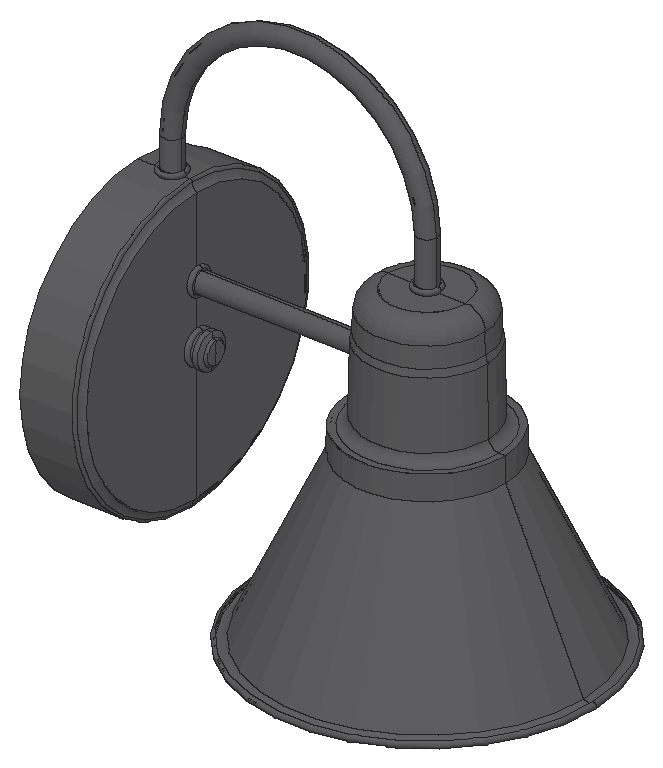
Revit family "Mini Wall Mount 1927 -8 MB", category Lighting Fixtures, Revit 2020
Family settings
  Round Connector Dimension = Use Diameter
  Part Type = Normal
  OmniClass Number = 23.80.70.00
  OmniClass Title = Lighting
  Work Plane-Based = No
  Always vertical = Yes
  Cut with Voids When Loaded = No
  Light Source = Yes
  Shared = No
  Room Calculation Point = No
Parameters (values of type "WM1927")
  Weight = "4.0 lbs"
  Wattage Comments = "100W Max"
  Wattage = 0.68 W
  Warranty = "5 year limited warranty"  # constant formula
  WM1927 = yes
  built-in parameter 1150110 = 1 (stored number, unit not read)
  Voltage = 277 V
  URL = "https://www.anplighting.com/assets/Uploads/product-attachments/specification-sheets/ANP-Specification-Sheet-RLM-MB-WM1927.pdf"
  built-in parameter 1114217 = 1 (stored number, unit not read)
  Tilt Angle = 90.00°
  built-in parameter 1150109 = 1 (stored number, unit not read)
  built-in parameter 1150134 = 12
  built-in parameter 1150113 = 1 (stored number, unit not read)
  Power Factor = 1
  Placement X axis side [instance] = 0' - 7 3/8"  # constant formula
  Photometric Web File = "generic.ies"
  Model = "WM1927"
  Manufacturer = "ANP Lighting"  # constant formula
  built-in parameter 1150105 = 67.641 (stored number, unit not read)
  Lumens = 850 lm
  built-in parameter 1150115 = 1 (stored number, unit not read)
  Load Classification = Lighting
  Light Source Height [instance] = 0' - 4 11/16"  # constant formula
  built-in parameter 1150137 = (empty or 0)
  built-in parameter 1150139 = (empty or 0)
  Light Elevation _2 [instance] = 0' - 1 137/256"  # constant formula
  Light Elevation _1 [instance] = 0' - 0 7/8"  # constant formula
  Light Elevation [instance] = 0' - 0"  # constant formula
  built-in parameter 1150112 = 1 (stored number, unit not read)
  built-in parameter 1150114 = 1 (stored number, unit not read)
  Lamp = "MB"
  built-in parameter 1150132 = 2
  built-in parameter 1150102 = (empty or 0)
  built-in parameter 1150107 = 4000 (stored number, unit not read)
  built-in parameter 1150138 = (empty or 0)
  built-in parameter 1150106 = 0.67641 (stored number, unit not read)
  INSIDE BODY = INSIDE BODY
  Fixture Height = 1' - 0 7/8"
  Fixture Diameter = 0' - 11 3/4"
  built-in parameter 1150104 = 116.13 (stored number, unit not read)
  Dimming Lamp Color Temperature Shift = <None>
  Description = "120-277 Voltage"  # constant formula
  Default Elevation = 0' - 0"
  Construction Material = "Heavy Duty spun aluminum."  # constant formula
  Color Filter = 16777215
  Bulb = Bulb
  Body Material = body
  Body Colour = "Spun aluminium"  # constant formula
  built-in parameter 1114218 = 1 (stored number, unit not read)
  built-in parameter 1150133 = 10 (stored number, unit not read)
  Apparent Load = 100 VA
Reference planes (in)
  plane 1 "Light Source Axis (F/B)": y = 0
  plane 2: z = 0
  plane 3 "Light Source Axis (L/R)": x = 0
  plane 4 "Light Source Elevation": z = 0
  plane 5: z = 0
  plane 6: x = 7.375
  plane 7 "Bulb Position": z = -1.53516
  plane 8 "Canopy Position": z = -0.875
  plane 9 "IES": z = -6.22266
Dimensions and locks (in)
  "Light Elevation": plane 5 to plane 2
  "Placement X axis side": plane 6 to plane 3 "Light Source Axis (L/R)"
  "Light Elevation _2": plane 5 to plane 7 "Bulb Position"
  "Light Elevation _1": plane 5 to plane 8 "Canopy Position"
  "Light Source Height": plane 7 "Bulb Position" to plane 9 "IES"
  locked: plane 4 "Light Source Elevation" to plane 2
  aligned and locked: level to plane 2
  aligned and locked: imposter light to plane 9 "IES"
  aligned and locked: plane 6 to imposter light
  aligned and locked: plane 5 to nested 1
  aligned and locked: plane 3 "Light Source Axis (L/R)" to nested 1
Nested families (in)
  nested 1: "WM1927" at (0, 0, -12.5502) x (-1, 0, 0) z (0, 0, 1), visible <- "WM1927", type "WM1927"
Definition of nested family "WM1927"
  Parameters (values of type "WM1927")
    WM1927 = none
    WM1925 = yes
    Default Elevation = 0' - 0"
  Reference planes (in)
    plane 1 "Center (Front/Back)": y = 0
    plane 2: z = 0
    plane 3 "Center (Left/Right)": x = 0
  Forms (in)
    Revolve 1, solid, material <- "WM1927", visible <- "WM1925"
      sketch origin (0, 0, 0) x (1, 0, 0) y (0, 0, 1)
        loop
          arc (-8.35961, 12.2377) -> (-8.7073, 12.09703) -> (-8.85934, 11.75417) r 0.5
          line (-8.85934, 11.75417) -> (-8.87635, 11.2377) -> (-8.92323, 11.0502) -> (-8.95276, 9.35834)
          arc (-8.95276, 9.35834) -> (-9.0275, 9.18439) -> (-9.20272, 9.1127) r 0.25
          line (-9.20272, 9.1127) -> (-9.37635, 9.1127) -> (-9.38726, 8.4877) -> (-11.37635, 4.26895)
          arc (-11.37635, 4.26895) -> (-11.48451, 4.19951) -> (-11.61073, 4.1752) r 0.33984
          arc (-11.61073, 4.1752) -> (-11.62635, 4.19083) -> (-11.61073, 4.20645) r 0.01562
          line (-11.61073, 4.20645) -> (-11.61073, 4.26895)
          arc (-11.61073, 4.26895) -> (-11.68885, 4.19083) -> (-11.61073, 4.1127) r 0.07812
          arc (-11.61073, 4.1127) -> (-11.45568, 4.14378) -> (-11.32458, 4.2322) r 0.40234
          line (-11.32458, 4.2322) -> (-9.32501, 8.47319) -> (-9.31494, 9.0502) -> (-9.20272, 9.0502)
          arc (-9.20272, 9.0502) -> (-8.98369, 9.13981) -> (-8.89027, 9.35725) r 0.3125
          line (-8.89027, 9.35725) -> (-8.86086, 11.04197) -> (-8.81411, 11.229) -> (-8.79687, 11.75211)
          arc (-8.79687, 11.75211) -> (-8.66384, 12.05211) -> (-8.35961, 12.1752) r 0.4375
          line (-8.35961, 12.1752) -> (-7.60961, 12.1752) -> (-7.60961, 12.2377) -> (-8.35961, 12.2377)
        axis (-7.37635, 4.1127) -> (-7.37635, 12.2377)
      angle from 0 to 360
    Sweep 2, solid, material <- "WM1927", visible <- "WM1925"
      path in 3D
        loop
          line (-7.37635, 0, 12.2377) -> (-7.37635, 0, 13.4877)
          arc (-7.37635, 0, 13.4877) -> (-4.12635, 0, 16.7377) -> (-0.87635, 0, 13.4877) r 3.25
          line (-0.87635, 0, 13.4877) -> (-0.87635, 0, 12.2377)
      profile origin (-4.12635, 0, 16.7377) x (0, 0, 1) y (0, -1, 0)
        loop
          circle (0, 0) r 0.25
        loop
          circle (0, 0) r 0.1875
    Revolve 3, solid, material <- "WM1927", visible <- "WM1925"
      sketch origin (0, 0, 0) x (1, 0, 0) y (0, 0, 1)
        loop
          line (-5.6875, 10.6127) -> (-5.6875, 10.64797)
          arc (-5.6875, 10.64797) -> (-5.75, 10.71047) -> (-5.8125, 10.64797) r 0.0625
          line (-5.8125, 10.64797) -> (-5.8125, 10.5502) -> (-1.5, 10.5502) -> (-1.5, 10.64797)
          arc (-1.5, 10.64797) -> (-1.5625, 10.71047) -> (-1.625, 10.64797) r 0.0625
          line (-1.625, 10.64797) -> (-1.625, 10.6127) -> (-5.6875, 10.6127)
        axis (-1.5, 10.3627) -> (-5.8125, 10.3627)
      angle from 0 to 360
    Revolve 4, solid, material <- "WM1927", visible <- "WM1925"
      sketch origin (0, 0, 0) x (1, 0, 0) y (0, 0, 1)
        loop
          line (-1.5, 8.8627) -> (-1.4375, 8.8627) -> (-1.4375, 12.33006)
          arc (-1.4375, 12.33006) -> (-1.35282, 12.42766) -> (-1.31188, 12.5502) r 0.33157
          line (-1.31188, 12.5502) -> (0, 12.5502) -> (0, 12.6127) -> (-1.3125, 12.6127)
          arc (-1.3125, 12.6127) -> (-1.35669, 12.5944) -> (-1.375, 12.5502) r 0.0625
          arc (-1.375, 12.5502) -> (-1.41693, 12.44274) -> (-1.5, 12.3627) r 0.26907
          line (-1.5, 12.3627) -> (-1.5, 8.8627)
        axis (-1.5, 8.8627) -> (0, 8.8627)
      angle from 0 to 360
    Revolve 5, solid, material <- "WM1927", visible <- "WM1925"
      sketch origin (0, 0, 0) x (1, 0, 0) y (0, 0, 1)
        loop
          arc (-7.66162, 12.3627) -> (-7.72412, 12.3002) -> (-7.66162, 12.2377) r 0.0625
          line (-7.66162, 12.2377) -> (-7.37635, 12.2377) -> (-7.37635, 12.3627) -> (-7.66162, 12.3627)
        axis (-7.37635, 12.2377) -> (-7.37635, 12.3627)
      angle from 0 to 360
    Revolve 6, solid, material <- "WM1927", visible <- "WM1925"
      sketch origin (6.5, 0, 0.375) x (1, 0, 0) y (0, 0, 1)
        loop
          arc (-7.66162, 12.3627) -> (-7.72412, 12.3002) -> (-7.66162, 12.2377) r 0.0625
          line (-7.66162, 12.2377) -> (-7.37635, 12.2377) -> (-7.37635, 12.3627) -> (-7.66162, 12.3627)
        axis (-7.37635, 12.2377) -> (-7.37635, 12.3627)
      angle from 0 to 360
    Revolve 7, solid, material <- "WM1927", visible <- "WM1925"
      sketch origin (0, 0, 0) x (1, 0, 0) y (0, 0, 1)
        loop
          arc (-1.5, 9.23122) -> (-1.5625, 9.29372) -> (-1.625, 9.23122) r 0.0625
          arc (-1.625, 9.23122) -> (-1.71056, 9.22392) -> (-1.75, 9.3002) r 0.07725
          line (-1.75, 9.3002) -> (-1.8733, 9.3002) -> (-1.91899, 9.18282) -> (-1.98775, 9.13468) -> (-2, 8.8627) -> (-1.5, 8.8627) -> (-1.5, 9.23122)
        axis (-1.5, 8.8627) -> (-2, 8.8627)
      angle from 0 to 360
  Lines and regions (in)
    model lines, visible <- "WM1925"
      curve 1: line (-7.62635, 0, 12.3627) -> (-7.62635, 0, 13.4877)
      curve 2: arc (-7.62635, 0, 13.4877) -> (-4.12635, 0, 16.9877) -> (-0.62635, 0, 13.4877) r 3.5
      curve 3: line (-0.62635, 0, 13.4877) -> (-0.62635, 0, 12.7377)
    sketch lines
      curve 4: arc (-7.37635, 0, 13.4877) -> (-4.12635, 0, 16.7377) -> (-0.87635, 0, 13.4877) r 3.25
      curve 5: line (-7.37635, 0, 12.2377) -> (-7.37635, 0, 13.4877)
      curve 6: line (-0.87635, 0, 13.4877) -> (-0.87635, 0, 12.2377)
  Dimensions and locks (in)
    aligned and locked: plane 2 to level
